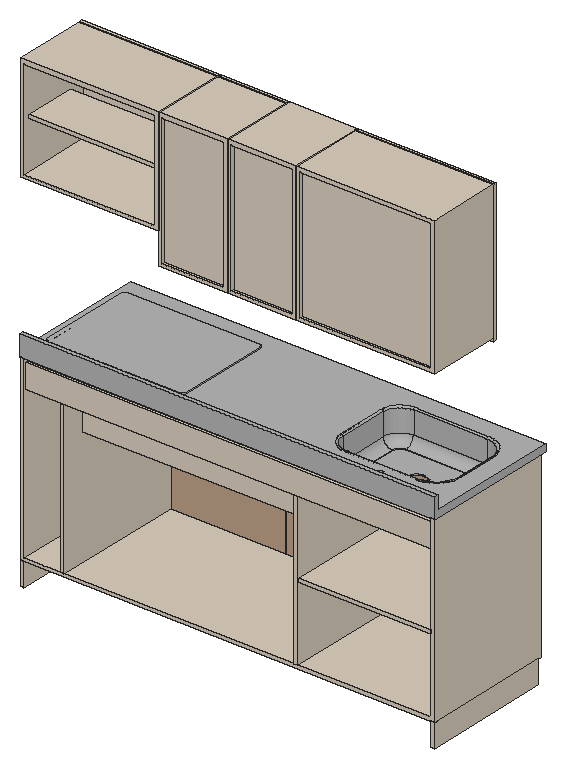
Revit family "CM0016781_Cocina Savona derecha", category Generic Models, host Wall, Revit 2019
Family settings
  Host = Wall
  Can host rebar = No
  Round Connector Dimension = Use Diameter
  Part Type = Normal
  OmniClass Number = 23.21.23.23.13
  OmniClass Title = Residential Food Cookers
  Always vertical = Yes
  Cut with Voids When Loaded = No
  Shared = No
  Room Calculation Point = No
Parameters (values of type "Ref. CM0016781 COCINA SAVONA 1.80 DERECHA.")
  URL = "https://corona.co/productos/muebles-para-cocinas/cocina-savona/p/CM0016781"
  Resistencia a la humedad = "Hinchamiento < o =8%."  # constant formula
  Profundidad = 577.0 mm
  Peso Neto aproximado mueble superior = "52,4 kg."  # constant formula
  Peso Neto aproximado mueble inferior = "67,2 kg."  # constant formula
  Material puertas Modulo inferior = Corona_Madera_Coñac
  Material modulo superior = Corona_MDP_Taupe
  Material mesón = Corona_Cuarzo
  Material Modulo inferior = Corona_MDP_Taupe
  Manufacturer = "Corona"  # constant formula
  Height = 875.5 mm
  Garantía del mesón = "10 años"  # constant formula
  Garantía de los herrajes = "1 año"  # constant formula
  Garantía de la madera = "1 año"  # constant formula
  Dimensiones generales mueble superior (H*W*L). = "613 x 335 x 1799mm."  # constant formula
  Dimensiones generales del mueble inferior (H*W*L) = "890 x 592 x 1799mm."  # constant formula
  Description = "Esta cocina de diseño contemporáneo está disponible en una combinación de color Taupé, en su mueble superior, y Coñac en su mueble inferior, generando un contraste de tonos acorde a las tendencias actuales de diseño. Asímismo, se complementa con el detalle de un nicho metálico en el mueble superior.\r\nSus puertas lisas (sin manijas expuestas) aportan limpieza y continuidad al diseño, lo cual se complementa con un mesón en CoronaStone®. Incluye lavaplatos y cubierta con 4 fogones integrados, además de accesorios como vajillero en acero inoxidable, cajón doble con cubertero y cajón condimentero de dos niveles, para hacer más cómodo tu almacenamiento.\r\nEn todo el mueble, los cantos o recubrimiento de bordes cuentan con mayor espesor y rigidez al estándar del mercado, brindando un acabado estético superior y mayor protección a posibles filtraciones de humedad.\r\nMesón CoronaStone® con lavaplatos y cubierta integrados.\r\nDisfruta de la máxima capacidad de almacenamiento y comodidad en el uso, esta es la solución integral de fácil instalación."  # constant formula
  Date Created = "15/07/2020"  # constant formula
  Created by = "IDD"  # constant formula
  Carga máxima mueble inferior = "90 kg."  # constant formula
  Carga máxima Mueble Superior = "42 kg."  # constant formula
  Ancho = 1797.0 mm
Reference planes
  plane 1 "Wall": y = 0
  plane 2 "Center (Left/Right)": x = 125
  plane 3 "Back": y = 75
  plane 4: x = -773.5
  plane 5: x = 1023.5
  plane 6: y = 75
  plane 7: z = 100.5
  plane 8: y = 652
  plane 9: z = 860.5
  plane 10: z = 875.5
  plane 11: x = 1008.5
  plane 12: x = -758.5
  plane 13: z = 115.5
  plane 14: x = 431.5
  plane 15: x = -84.5
  plane 16: x = -598.5
  plane 17: z = 440
  plane 18: z = 766.019
  plane 19: x = 427.5
  plane 20: y = 667
  plane 21: z = 455
  plane 22: y = 637
  plane 23: z = 510
  plane 24: z = 525
  plane 25: x = 413.125
  plane 26: x = -583.5
  plane 27: z = 635.019
  plane 28: y = 161.5
  plane 29: z = 890.5
  plane 30: z = 1440.5
  plane 31: z = 2053.5
  plane 32: z = 1576.5
  plane 33: x = -188.5
  plane 34: x = 438.5
  plane 35: y = 395
  plane 36: z = 770.5
  plane 37: x = -158.5
  plane 38: x = 110.5
  plane 39: x = 140.5
  plane 40: x = 408.5
  plane 41: z = 2037.5
  plane 42: z = 1455.5
  plane 43: z = 1591.5
  plane 44: y = 410
  plane 45: x = -173.5
  plane 46: x = 423.5
  plane 47: x = -173.5
  plane 48: z = 1470.5
  plane 49: x = 125.5
  plane 50: z = 1606.5
  plane 51: z = 1816
  plane 52: z = 1831
  plane 53: y = 325
  plane 54: z = 1746
  plane 55: z = 1761
  plane 56: y = 98
  plane 57: y = 88
Forms (mm)
  Extrusion 1, solid, material "Corona_MDP_Taupe" <- "Material Modulo inferior", detail levels medium+fine
    sketch origin (0, 0, 0) x (1, 0, 0) y (0, 1, 0)
      loop
        line (-773.5, 75) -> (1023.5, 75) -> (1023.5, 638) -> (-773.5, 638) -> (-773.5, 75)
    from 0 to 100.5
  Extrusion 2, solid, material "Corona_MDP_Taupe" <- "Material Modulo inferior", detail levels medium+fine
    sketch origin (0, 0, 0) x (1, 0, 0) y (0, 1, 0)
      loop
        line (-773.5, 75) -> (1023.5, 75) -> (1023.5, 652) -> (-773.5, 652) -> (-773.5, 75)
    from 100.5 to 890.5
  Extrusion 3, void, detail levels medium+fine
    sketch origin (0, 0, 0) x (1, 0, 0) y (0, 1, 0)
      loop
        line (-758.5, 623) -> (-758.5, 75) -> (1008.5, 75) -> (1008.5, 623) -> (-758.5, 623)
    from 0 to 100.5
  Extrusion 4, void, detail levels medium+fine
    sketch origin (0, 15, 0) x (1, 0, 0) y (0, 1, 0)
      loop
        line (-758.5, 637) -> (-758.5, 60) -> (1008.5, 60) -> (1008.5, 637) -> (-758.5, 637)
    from 115.5 to 890.5
  Extrusion 5, solid, material "Corona_Madera_Coñac" <- "Material puertas Modulo inferior", detail levels medium+fine
    sketch origin (0, 0, 0) x (1, 0, 0) y (0, 0, 1)
      loop
        line (431.5, 100.5) -> (1008.5, 100.5) -> (1008.5, 860.5) -> (431.5, 860.5) -> (431.5, 100.5)
      loop
        line (-598.5, 860.5) -> (-758.5, 860.5) -> (-758.5, 100.5) -> (-598.5, 100.5) -> (-598.5, 860.5)
    from -667 to -652
  Extrusion 6, solid, material "Corona_MDP_Taupe" <- "Material Modulo inferior", detail levels medium+fine
    sketch origin (0, 0, 0) x (1, 0, 0) y (0, 0, 1)
      loop
        line (1008.5, 455) -> (431.5, 455) -> (431.5, 440) -> (1008.5, 440) -> (1008.5, 455)
    from -625 to -75
  Extrusion 7, solid, material "Corona_Madera_Coñac" <- "Material puertas Modulo inferior", detail levels medium+fine
    sketch origin (0, 0, 0) x (1, 0, 0) y (0, 0, 1)
      loop
        line (-598.5, 545) -> (-598.5, 100.5) -> (-84.5, 100.5) -> (-84.5, 545) -> (-598.5, 545)
    from -667 to -652
  Extrusion 8, solid, material "Corona_Madera_Coñac" <- "Material puertas Modulo inferior", detail levels medium+fine
    sketch origin (512, 0, 0) x (1, 0, 0) y (0, 0, 1)
      loop
        line (-596.5, 545) -> (-596.5, 100.5) -> (-84.5, 100.5) -> (-84.5, 545) -> (-596.5, 545)
    from -667 to -652
  Extrusion 9, solid, material "Corona_MDP_Taupe" <- "Material Modulo inferior", detail levels medium+fine
    sketch origin (125, 0, 0) x (0, 1, 0) y (0, 0, 1)
      loop
        line (652, 525) -> (452, 525) -> (452, 510) -> (652, 510) -> (652, 525)
    from -708.5 to 288.125
  Extrusion 10, solid, material "Corona_MDP_Taupe" <- "Material Modulo inferior", detail levels medium+fine
    sketch origin (125, 107.636, 1156.33) x (0, 0, -1) y (0, 1, 0)
      loop
        line (631.33, 524) -> (545.289, 524) -> (545.289, 509) -> (631.33, 509) -> (631.33, 524)
    from -708.5 to 288.125
  Extrusion 11, solid, material "Corona_Madera_Coñac" <- "Material puertas Modulo inferior", detail levels medium+fine
    sketch origin (0, 0, 468.888) x (1, 0, 0) y (0, 0, 1)
      loop
        line (-598.5, 391.612) -> (-598.5, 105) -> (427.5, 105) -> (427.5, 391.612) -> (-598.5, 391.612)
    from -667 to -652
  Extrusion 12, solid, material "Corona_MDP_Taupe" <- "Material Modulo inferior", detail levels medium+fine
    sketch origin (0, 0, 14.83) x (1, 0, 0) y (0, 0, 1)
      loop
        line (385.253, 635.242) -> (-555.868, 635.242) -> (-555.868, 620.189) -> (385.253, 620.189) -> (385.253, 635.242)
    from -652 to -176.441
  Extrusion 13, solid, material "Corona_MDP_Taupe" <- "Material Modulo inferior", detail levels medium+fine
    sketch origin (125, -1.41, 0) x (0, 1, 0) y (0, 0, 1)
      loop
        line (162.847, 766.019) -> (162.847, 635.019) -> (177.85, 635.019) -> (177.85, 766.019) -> (162.847, 766.019)
    from -695.865 to 275.25
  Extrusion 14, solid, material "Corona_MDP_Taupe" <- "Material Modulo inferior", detail levels medium+fine
    sketch origin (125, 0, 0) x (0, 1, 0) y (0, 0, 1)
      loop
        line (176.441, 635.019) -> (652, 635.019) -> (652, 766.019) -> (176.441, 766.019) -> (176.441, 635.019)
    from 260.253 to 275.25
  Extrusion 15, solid, material "Corona_MDP_Taupe" <- "Material Modulo inferior", detail levels medium+fine
    sketch origin (-831.118, 0, 0) x (0, 1, 0) y (0, 0, 1)
      loop
        line (176.441, 635.019) -> (652, 635.019) -> (652, 766.019) -> (176.441, 766.019) -> (176.441, 635.019)
    from 260.253 to 275.25
  Extrusion 16, solid, material "Corona_MDP_Taupe" <- "Material Modulo inferior", detail levels medium+fine
    sketch origin (-311.049, 0, 0) x (0, 1, 0) y (0, 0, 1)
      loop
        line (176.441, 650.072) -> (652, 650.072) -> (652, 766.019) -> (176.441, 766.019) -> (176.441, 650.072)
    from 260.253 to 275.25
  Extrusion 17, solid, material "Corona_MDP_Taupe" <- "Material Modulo inferior", detail levels medium+fine
    sketch origin (125, 0, 0) x (0, 1, 0) y (0, 0, 1)
      loop
        line (626.36, 890.5) -> (626.36, 770.5) -> (641.36, 770.5) -> (641.36, 890.5) -> (626.36, 890.5)
    from -883.5 to 883.5
  Extrusion 18, solid, material "Corona_MDP_Taupe" <- "Material Modulo inferior", detail levels medium+fine
    sketch origin (125, -540.597, 0) x (0, 1, 0) y (0, 0, 1)
      loop
        line (617.649, 875.5) -> (617.649, 770.5) -> (632.636, 770.5) -> (632.636, 875.5) -> (617.649, 875.5)
    from -883.5 to 883.5
  Extrusion 19, solid, material "Corona_MDP_Taupe" <- "Material Modulo inferior", detail levels medium+fine
    sketch origin (0, 0, 0) x (1, 0, 0) y (0, 0, 1)
      loop
        line (413.125, 115.5) -> (431.5, 115.5) -> (431.5, 770.5) -> (413.125, 770.5) -> (413.125, 115.5)
    from -652 to -75
  Extrusion 20, solid, material "Corona_MDP_Taupe" <- "Material Modulo inferior", detail levels medium+fine
    sketch origin (-1010, 0, 0) x (1, 0, 0) y (0, 0, 1)
      loop
        line (411.5, 115.5) -> (426.5, 115.5) -> (426.5, 770.5) -> (411.5, 770.5) -> (411.5, 115.5)
    from -652 to -75
  Extrusion 21, solid, material "Corona_MDP_Taupe" <- "Material modulo superior", detail levels medium+fine
    sketch origin (0, 0, 0) x (1, 0, 0) y (0, 0, 1)
      loop
        line (-773.5, 2053.5) -> (-773.5, 1591.5) -> (-173.5, 1591.5) -> (-173.5, 2053.5) -> (-773.5, 2053.5)
    from -395 to -75
  Extrusion 22, void, detail levels medium+fine
    sketch origin (0, 0, 0) x (1, 0, 0) y (0, 0, 1)
      loop
        line (1008.5, 2037.5) -> (438.5, 2037.5) -> (438.5, 1470.5) -> (1008.5, 1470.5) -> (1008.5, 2037.5)
    from -395 to -75
  Extrusion 23, void, detail levels medium+fine
    sketch origin (0, 0, 0) x (1, 0, 0) y (0, 0, 1)
      loop
        line (-188.5, 2037.5) -> (-758.5, 2037.5) -> (-758.5, 1606.5) -> (-188.5, 1606.5) -> (-188.5, 2037.5)
    from -395 to -75
  Extrusion 24, solid, material "Corona_MDP_Taupe" <- "Material modulo superior", detail levels medium+fine
    sketch origin (0, 0, 0) x (1, 0, 0) y (0, 1, 0)
      loop
        line (1023.5, 75) -> (1023.5, 395) -> (423.5, 395) -> (423.5, 75) -> (1023.5, 75)
    from 1455.5 to 2053.5
  Extrusion 25, solid, material "Corona_MDP_Taupe" <- "Material modulo superior", detail levels medium+fine
    sketch origin (0, 0, 0) x (1, 0, 0) y (0, 1, 0)
      loop
        line (1023.5, 410) -> (423.5, 410) -> (423.5, 395) -> (1023.5, 395) -> (1023.5, 410)
    from 1440.5 to 2053.5
  Extrusion 26, solid, material "Corona_MDP_Taupe" <- "Material modulo superior", detail levels medium+fine
    sketch origin (0, 0, 0) x (1, 0, 0) y (0, 1, 0)
      loop
        line (125.5, 75) -> (423.5, 75) -> (423.5, 410) -> (125.5, 410) -> (125.5, 75)
    from 1455.5 to 2053.5
  Extrusion 27, void, detail levels medium+fine
    sketch origin (-599, 0, 0) x (1, 0, 0) y (0, 0, 1)
      loop
        line (1007.5, 2037.5) -> (739.5, 2037.5) -> (739.5, 1470.5) -> (1007.5, 1470.5) -> (1007.5, 2037.5)
    from -410 to -75
  Extrusion 28, solid, material "Corona_MDP_Taupe" <- "Material modulo superior", detail levels medium+fine
    sketch origin (-300, 0, 0) x (1, 0, 0) y (0, 1, 0)
      loop
        line (126.5, 75) -> (425.5, 75) -> (425.5, 395) -> (126.5, 395) -> (126.5, 75)
    from 1455.5 to 2053.5
  Extrusion 29, void, detail levels medium+fine
    sketch origin (-898, 0, 0) x (1, 0, 0) y (0, 0, 1)
      loop
        line (1008.5, 2037.5) -> (737.5, 2037.5) -> (737.5, 1470.5) -> (1008.5, 1470.5) -> (1008.5, 2037.5)
    from -410 to -75
  Extrusion 30, solid, material "Corona_MDP_Taupe" <- "Material modulo superior", detail levels medium+fine
    sketch origin (-898, 0, 0) x (1, 0, 0) y (0, 1, 0)
      loop
        line (1023.5, 410) -> (724.5, 410) -> (724.5, 395) -> (1023.5, 395) -> (1023.5, 410)
    from 1440.5 to 2053.5
  Extrusion 31, solid, material "Corona_MDP_Taupe" <- "Material modulo superior", detail levels medium+fine
    sketch origin (-1197, 0, 0) x (1, 0, 0) y (0, 1, 0)
      loop
        line (1023.5, 410) -> (423.5, 410) -> (423.5, 395) -> (1023.5, 395) -> (1023.5, 410)
    from 1576.5 to 2053.5
  Extrusion 32, solid, material "Corona_MDP_Taupe" <- "Material modulo superior", detail levels medium+fine
    sketch origin (0, 0, 0) x (1, 0, 0) y (0, 0, 1)
      loop
        line (-188.5, 1831) -> (-758.5, 1831) -> (-758.5, 1816) -> (-188.5, 1816) -> (-188.5, 1831)
    from -325 to -98
  Extrusion 33, solid, detail levels medium+fine
    sketch origin (0, 0, 0) x (1, 0, 0) y (0, 0, 1)
      loop
        line (110.5, 1761) -> (-160.5, 1761) -> (-160.5, 1746) -> (110.5, 1746) -> (110.5, 1761)
    from -395 to -98
  Extrusion 34, solid, material "Corona_MDP_Taupe" <- "Material modulo superior", detail levels medium+fine
    sketch origin (298, 0, 0) x (1, 0, 0) y (0, 0, 1)
      loop
        line (110.5, 1761) -> (-157.5, 1761) -> (-157.5, 1746) -> (110.5, 1746) -> (110.5, 1761)
    from -395 to -98
  Extrusion 35, solid, material "Corona_MDP_Taupe" <- "Material modulo superior", detail levels coarse
    sketch origin (0, 0, 0) x (1, 0, 0) y (0, 0, 1)
      loop
        line (1023.5, 2053.5) -> (-773.5, 2053.5) -> (-773.5, 1576.5) -> (-173.5, 1576.5) -> (-173.5, 1440.5) -> (1023.5, 1440.5) -> (1023.5, 2053.5)
    from -410 to -75
  Extrusion 36, solid, material "Corona_MDP_Taupe" <- "Material modulo superior", detail levels medium+fine
    sketch origin (125, 0, 0) x (0, 1, 0) y (0, 0, 1)
      loop
        line (88, 2037.5) -> (88, 1470.5) -> (98, 1470.5) -> (98, 2037.5) -> (88, 2037.5)
    from -285.5 to 883.5
  Extrusion 37, solid, material "Corona_MDP_Taupe" <- "Material Modulo inferior", detail levels coarse
    sketch origin (0, 0, 0) x (1, 0, 0) y (0, 0, 1)
      loop
        line (1023.5, 0) -> (1023.5, 890.5) -> (-773.5, 890.5) -> (-773.5, 0) -> (1023.5, 0)
    from -667 to -75
Cuts and joins
  Extrusion 3, Extrusion 4 cuts Extrusion 1
  Extrusion 3, Extrusion 4 cuts Extrusion 2
  Extrusion 23 cuts Extrusion 21
  Extrusion 22, Extrusion 27 cuts Extrusion 24
  Extrusion 27 cuts Extrusion 25
  Extrusion 27, Extrusion 29 cuts Extrusion 26
  Extrusion 29 cuts Extrusion 28
Text (mm)
  text "Placement Side" at (-2487.574, 1116.779, 0), in view "Ref. Level"
  text "Placement side" at (0, 1409.804, 2854.306), in view "Left"
  text "Placement side" at (0, 499.811, 2980.732), in view "Right"
Dimensions and locks
  locked: plane 3 "Back" to host wall
  equal spacing: plane 4, plane 2 "Center (Left/Right)", plane 5
  "Ancho": plane 4 to plane 5
  level to plane 7 = 100.5 mm
  "Profundidad": plane 8 to plane 6
  plane 7 to plane 9 = 760.0 mm
  plane 14 to plane 11 = 577.0 mm
  plane 15 to plane 19 = 512.0 mm
  plane 16 to plane 15 = 514.0 mm
  plane 13 to plane 17 = 324.5 mm
  plane 21 to plane 36 = 315.5 mm
  level to Extrusion 5 = 860.5 mm
  plane 22 to plane 6 = 562.0 mm
  plane 23 to plane 13 = 394.5 mm
  plane 24 to plane 23 = 15.0 mm
  plane 18 to plane 27 = 131.0 mm
  cut or joined group of Extrusion 2, Extrusion 3, Extrusion 4 to plane 28 = 490.5 mm
  level to plane 29 = 890.5 mm
  plane 29 to plane 30 = 550.0 mm
  plane 30 to plane 31 = 613.0 mm
  plane 32 to plane 31 = 477.0 mm
  plane 33 to plane 12 = 570.0 mm
  plane 34 to plane 11 = 570.0 mm
  plane 35 to plane 6 = 320.0 mm
  plane 30 to Extrusion 21 = 613.0 mm
  plane 14 to plane 5 = 592.0 mm
  plane 38 to plane 37 = 269.0 mm
  plane 40 to plane 39 = 268.0 mm
  plane 44 to plane 35 = 15.0 mm
  plane 6 to plane 44 = 335.0 mm
  plane 46 to plane 5 = 600.0 mm
  plane 4 to plane 47 = 600.0 mm
  plane 35 to plane 44 = 15.0 mm
  plane 43 to plane 51 = 224.5 mm
  plane 52 to plane 41 = 206.5 mm
  plane 53 to plane 6 = 250.0 mm
  plane 48 to plane 54 = 275.5 mm
  plane 35 to plane 56 = 297.0 mm
  plane 30 to Extrusion 36 = 597.0 mm
  plane 7 to level = 100.5 mm
  plane 16 to plane 12 = 160.0 mm
  level to Extrusion 37 = 890.5 mm
  aligned and locked: plane 1 "Wall" to host wall
  aligned and locked: Extrusion 1 sketch curve to plane 5
  aligned and locked: plane 4 to Extrusion 1 sketch curve
  aligned and locked: plane 8 to Extrusion 2
  aligned and locked: Extrusion 2 to host wall
  aligned and locked: plane 5 to Extrusion 2
  aligned and locked: Extrusion 2 to plane 4
  aligned and locked: Extrusion 2 to Extrusion 1
  aligned and locked: plane 11 to Extrusion 3 sketch curve
  aligned and locked: Extrusion 3 sketch curve to plane 12
  aligned and locked: Extrusion 1 to Extrusion 3  (x2)
  aligned and locked: Extrusion 3 to level
  aligned and locked: Extrusion 2 to plane 7
  aligned and locked: Extrusion 4 to plane 13
  aligned and locked: plane 8 to Extrusion 4
  aligned and locked: Extrusion 4 to host wall
  aligned and locked: plane 20 to Extrusion 5
  aligned and locked: Extrusion 6 sketch curve to Extrusion 5  (x2)
  aligned and locked: Extrusion 6 to host wall
  aligned and locked: Extrusion 9 sketch curve to plane 24
  aligned and locked: plane 23 to Extrusion 9 sketch curve
  aligned and locked: Extrusion 9 sketch curve to cut or joined group of Extrusion 2, Extrusion 3, Extrusion 4
  aligned and locked: Extrusion 9 to plane 25
  aligned and locked: plane 26 to Extrusion 9
  aligned and locked: Extrusion 15 to plane 27
  aligned and locked: Extrusion 13 to plane 27
  aligned and locked: plane 18 to Extrusion 15
  aligned and locked: plane 18 to Extrusion 16
  aligned and locked: plane 18 to Extrusion 14
  aligned and locked: plane 18 to Extrusion 13
  aligned and locked: Extrusion 21 sketch curve to plane 31
  aligned and locked: Extrusion 21 sketch curve to plane 4
  aligned and locked: Extrusion 2 to cut or joined group of Extrusion 1, Extrusion 3, Extrusion 4
  aligned and locked: cut or joined group of Extrusion 1, Extrusion 3, Extrusion 4 to Extrusion 2
  aligned and locked: Extrusion 2 to Extrusion 3
  aligned and locked: Extrusion 1 to level
  aligned and locked: plane 7 to Extrusion 1
  aligned and locked: Extrusion 5 to plane 11
  aligned and locked: plane 14 to Extrusion 5
  aligned and locked: Extrusion 5 to plane 12
  aligned and locked: Extrusion 9 to Extrusion 10  (x2)
  aligned and locked: Extrusion 10 to plane 25
  aligned and locked: plane 26 to Extrusion 10
  aligned and locked: Extrusion 17 to Extrusion 18
  aligned and locked: Extrusion 13 to Extrusion 14
  aligned and locked: Extrusion 14 to plane 27
  aligned and locked: Extrusion 12 to plane 27
  aligned and locked: Extrusion 12 to Extrusion 16
  aligned and locked: Extrusion 12 to Extrusion 15
  aligned and locked: Extrusion 15 to Extrusion 13  (x2)
  aligned and locked: Extrusion 15 to Extrusion 12
  aligned and locked: Extrusion 17 to plane 36
  aligned and locked: Extrusion 5 to Extrusion 6
  aligned and locked: Extrusion 19 to plane 14
  aligned and locked: Extrusion 10 to Extrusion 19
  aligned and locked: Extrusion 22 sketch curve to plane 41
  aligned and locked: Extrusion 22 sketch curve to plane 11
  aligned and locked: Extrusion 23 sketch curve to plane 41
  aligned and locked: plane 33 to Extrusion 23 sketch curve
  aligned and locked: Extrusion 23 sketch curve to plane 12
  aligned and locked: nested 1 to Extrusion 24 sketch curve
  aligned and locked: Extrusion 25 sketch curve to plane 44
  aligned and locked: plane 35 to Extrusion 25 sketch curve
  aligned and locked: Extrusion 26 sketch curve to host wall
  aligned and locked: Extrusion 26 sketch curve to plane 44
  aligned and locked: plane 46 to Extrusion 26 sketch curve
  aligned and locked: Extrusion 26 to plane 31
  aligned and locked: plane 42 to Extrusion 26
  aligned and locked: plane 48 to Extrusion 22
  aligned and locked: plane 30 to Extrusion 25
  aligned and locked: plane 42 to Extrusion 24
  aligned and locked: plane 5 to Extrusion 24
  aligned and locked: Extrusion 24 to plane 31
  aligned and locked: Extrusion 27 to plane 39
  aligned and locked: Extrusion 27 to plane 41
  aligned and locked: plane 40 to Extrusion 27
  aligned and locked: Extrusion 22 to Extrusion 27
  aligned and locked: Extrusion 27 to plane 44
  aligned and locked: Extrusion 25 to plane 46
  aligned and locked: Extrusion 24 to plane 46
  aligned and locked: plane 48 to Extrusion 29
  aligned and locked: plane 38 to Extrusion 29
  aligned and locked: Extrusion 29 to plane 41
  aligned and locked: Extrusion 26 to plane 49
  aligned and locked: Extrusion 28 to cut or joined group of Extrusion 26, Extrusion 27, Extrusion 29
  aligned and locked: Extrusion 30 to cut or joined group of Extrusion 26, Extrusion 27, Extrusion 29
  aligned and locked: plane 30 to Extrusion 30
  aligned and locked: Extrusion 30 to plane 31
  aligned and locked: Extrusion 29 to plane 44
  aligned and locked: Extrusion 28 to plane 35
  aligned and locked: plane 50 to Extrusion 23
  aligned and locked: plane 43 to Extrusion 21
  aligned and locked: Extrusion 31 to plane 4
  aligned and locked: plane 32 to Extrusion 31
  aligned and locked: Extrusion 31 to plane 31
  aligned and locked: Extrusion 31 to cut or joined group of Extrusion 21, Extrusion 23
  aligned and locked: plane 52 to Extrusion 32 sketch curve
  aligned and locked: Extrusion 32 sketch curve to plane 51
  aligned and locked: Extrusion 32 sketch curve to cut or joined group of Extrusion 21, Extrusion 23  (x2)
  aligned and locked: Extrusion 32 to plane 53
  aligned and locked: Extrusion 33 sketch curve to plane 55
  aligned and locked: plane 38 to Extrusion 33 sketch curve
  aligned and locked: plane 54 to Extrusion 33 sketch curve
  aligned and locked: Extrusion 34 to plane 39
  aligned and locked: plane 40 to Extrusion 34
  aligned and locked: plane 54 to Extrusion 34
  aligned and locked: Extrusion 34 to plane 55
  aligned and locked: Extrusion 35 to plane 44
  aligned and locked: Extrusion 35 to host wall
  aligned and locked: Extrusion 35 to plane 31
  aligned and locked: plane 32 to Extrusion 35
  aligned and locked: plane 30 to Extrusion 35
  aligned and locked: Extrusion 35 to cut or joined group of Extrusion 25, Extrusion 27
  aligned and locked: Extrusion 35 to cut or joined group of Extrusion 21, Extrusion 23  (x2)
  aligned and locked: Extrusion 35 to Extrusion 31
  aligned and locked: Extrusion 35 to plane 4
  aligned and locked: plane 5 to Extrusion 35
  aligned and locked: plane 41 to Extrusion 36 sketch curve
  aligned and locked: Extrusion 36 sketch curve to plane 57
  aligned and locked: plane 56 to Extrusion 36 sketch curve
  aligned and locked: cut or joined group of Extrusion 22, Extrusion 24, Extrusion 27 to Extrusion 36
  aligned and locked: plane 21 to Extrusion 6
  aligned and locked: Extrusion 6 to plane 17
  aligned and locked: Extrusion 2 to nested 1
  aligned and locked: cut or joined group of Extrusion 2, Extrusion 3, Extrusion 4 to Extrusion 4
  aligned and locked: cut or joined group of Extrusion 2, Extrusion 3, Extrusion 4 to Extrusion 17
  aligned and locked: Extrusion 9 to nested 4
  aligned and locked: Extrusion 17 to nested 4  (x2)
  aligned and locked: Extrusion 1 to nested 4
  aligned and locked: Extrusion 3 to nested 4
  aligned and locked: Extrusion 29 to Extrusion 36
  aligned and locked: cut or joined group of Extrusion 28, Extrusion 29 to Extrusion 33
  aligned and locked: Extrusion 5 to plane 16
  aligned and locked: plane 16 to Extrusion 20
  aligned and locked: plane 26 to nested 7
  aligned and locked: Extrusion 20 to plane 26
  aligned and locked: Extrusion 37 sketch curve to cut or joined group of Extrusion 1, Extrusion 3, Extrusion 4
  aligned and locked: Extrusion 37 sketch curve to nested 7  (x2)
  aligned and locked: Extrusion 37 to nested 1
Automatic sketch dimensions
  Extrusion 1 sketch curve to host wall = 0.0 mm
  plane 22 to Extrusion 1 sketch curve = 1.0 mm
  Extrusion 2 sketch curve to plane 4 = 0.0 mm
  Extrusion 2 sketch curve to plane 5 = 0.0 mm
  Extrusion 2 sketch curve to host wall = 0.0 mm
  Extrusion 2 sketch curve to plane 8 = 0.0 mm
  Extrusion 3 sketch curve to host wall = 0.0 mm
  Extrusion 3 sketch curve to plane 22 = 14.0 mm
  Extrusion 4 sketch curve to host wall = 0.0 mm
  Extrusion 4 sketch curve to plane 12 = 0.0 mm
  Extrusion 4 sketch curve to plane 11 = 0.0 mm
  Extrusion 4 sketch curve to plane 8 = 0.0 mm
  Extrusion 5 sketch curve to plane 12 = 0.0 mm
  Extrusion 5 sketch curve to plane 7 = 0.0 mm  (x2)
  plane 14 to Extrusion 5 sketch curve = 0.0 mm
  plane 11 to Extrusion 5 sketch curve = 0.0 mm
  plane 9 to Extrusion 5 sketch curve = 0.0 mm  (x2)
  Extrusion 7 sketch curve to plane 7 = 0.0 mm
  plane 16 to Extrusion 7 sketch curve = 0.0 mm
  plane 15 to Extrusion 7 sketch curve = 0.0 mm
  plane 24 to Extrusion 7 sketch curve = 20.0 mm
  Extrusion 8 sketch curve to plane 7 = 0.0 mm
  plane 15 to Extrusion 8 sketch curve = 0.0 mm
  plane 19 to Extrusion 8 sketch curve = 0.0 mm
  plane 24 to Extrusion 8 sketch curve = 20.0 mm
  Extrusion 9 sketch curve to plane 35 = 57.0 mm
  Extrusion 10 sketch curve to plane 24 = 0.0 mm
  Extrusion 10 sketch curve to plane 27 = 23.978 mm
  Extrusion 10 sketch curve to plane 22 = 20.364 mm
  Extrusion 10 sketch curve to plane 22 = 5.364 mm
  plane 16 to Extrusion 11 sketch curve = 0.0 mm
  plane 19 to Extrusion 11 sketch curve = 0.0 mm
  plane 24 to Extrusion 11 sketch curve = 48.888 mm
  plane 9 to Extrusion 11 sketch curve = 0.0 mm
  Extrusion 12 sketch curve to plane 27 = 0.0 mm
  Extrusion 12 sketch curve to plane 26 = 27.632 mm
  Extrusion 12 sketch curve to plane 40 = 23.247 mm
  plane 27 to Extrusion 12 sketch curve = 15.053 mm
  Extrusion 13 sketch curve to plane 27 = 0.0 mm
  Extrusion 13 sketch curve to plane 18 = 0.0 mm
  plane 28 to Extrusion 13 sketch curve = 0.062 mm
  Extrusion 13 sketch curve to Extrusion 13 sketch curve = 15.003 mm
  Extrusion 14 sketch curve to plane 18 = 0.0 mm
  Extrusion 14 sketch curve to plane 27 = 0.0 mm
  Extrusion 14 sketch curve to plane 8 = 0.0 mm
  Extrusion 14 sketch curve to plane 28 = 14.941 mm
  Extrusion 15 sketch curve to plane 18 = 0.0 mm
  Extrusion 15 sketch curve to plane 27 = 0.0 mm
  Extrusion 15 sketch curve to plane 8 = 0.0 mm
  Extrusion 15 sketch curve to plane 28 = 14.941 mm
  Extrusion 16 sketch curve to plane 18 = 0.0 mm
  Extrusion 16 sketch curve to plane 8 = 0.0 mm
  Extrusion 16 sketch curve to plane 28 = 14.941 mm
  plane 27 to Extrusion 16 sketch curve = 15.053 mm
  Extrusion 17 sketch curve to plane 36 = 0.0 mm
  plane 10 to Extrusion 17 sketch curve = 15.0 mm
  Extrusion 17 sketch curve to plane 22 = 10.64 mm
  plane 22 to Extrusion 17 sketch curve = 4.36 mm
  Extrusion 18 sketch curve to plane 36 = 0.0 mm
  Extrusion 18 sketch curve to plane 10 = 0.0 mm
  host wall to Extrusion 18 sketch curve = 2.052 mm
  Extrusion 18 sketch curve to plane 57 = 4.039 mm
  plane 25 to Extrusion 19 sketch curve = 0.0 mm
  plane 14 to Extrusion 19 sketch curve = 0.0 mm
  Extrusion 19 sketch curve to plane 13 = 0.0 mm
  Extrusion 19 sketch curve to plane 36 = 0.0 mm
  plane 16 to Extrusion 20 sketch curve = 0.0 mm
  plane 26 to Extrusion 20 sketch curve = 0.0 mm
  Extrusion 20 sketch curve to plane 13 = 0.0 mm
  Extrusion 20 sketch curve to plane 36 = 0.0 mm
  Extrusion 21 sketch curve to plane 43 = 0.0 mm
  Extrusion 21 sketch curve to plane 45 = 0.0 mm
  Extrusion 22 sketch curve to plane 34 = 0.0 mm
  Extrusion 22 sketch curve to plane 48 = 0.0 mm
  Extrusion 23 sketch curve to plane 50 = 0.0 mm
  Extrusion 24 sketch curve to plane 46 = 0.0 mm
  Extrusion 24 sketch curve to plane 5 = 0.0 mm
  plane 35 to Extrusion 24 sketch curve = 0.0 mm
  Extrusion 25 sketch curve to plane 46 = 0.0 mm
  Extrusion 26 sketch curve to plane 49 = 0.0 mm
  Extrusion 27 sketch curve to plane 39 = 0.0 mm
  Extrusion 27 sketch curve to plane 40 = 0.0 mm
  Extrusion 27 sketch curve to plane 48 = 0.0 mm
  Extrusion 27 sketch curve to plane 41 = 0.0 mm
  plane 35 to Extrusion 28 sketch curve = 0.0 mm
  Extrusion 28 sketch curve to plane 45 = 0.0 mm
  Extrusion 28 sketch curve to plane 49 = 0.0 mm
  Extrusion 28 sketch curve to host wall = 0.0 mm
  Extrusion 29 sketch curve to plane 37 = 2.0 mm
  Extrusion 29 sketch curve to plane 38 = 0.0 mm
  Extrusion 29 sketch curve to plane 48 = 0.0 mm
  Extrusion 29 sketch curve to plane 41 = 0.0 mm
  plane 44 to Extrusion 30 sketch curve = 0.0 mm
  Extrusion 30 sketch curve to plane 45 = 0.0 mm
  plane 35 to Extrusion 30 sketch curve = 0.0 mm
  Extrusion 30 sketch curve to plane 49 = 0.0 mm
  Extrusion 31 sketch curve to plane 4 = 0.0 mm
  plane 35 to Extrusion 31 sketch curve = 0.0 mm
  Extrusion 31 sketch curve to plane 45 = 0.0 mm
  plane 44 to Extrusion 31 sketch curve = 0.0 mm
  Extrusion 34 sketch curve to plane 55 = 0.0 mm
  Extrusion 34 sketch curve to plane 54 = 0.0 mm
  Extrusion 34 sketch curve to plane 40 = 0.0 mm
  Extrusion 34 sketch curve to plane 39 = 0.0 mm
  Extrusion 35 sketch curve to plane 31 = 0.0 mm
  Extrusion 35 sketch curve to plane 5 = 0.0 mm
  Extrusion 35 sketch curve to plane 30 = 0.0 mm
  Extrusion 35 sketch curve to plane 4 = 0.0 mm
  Extrusion 35 sketch curve to plane 45 = 0.0 mm
  Extrusion 35 sketch curve to plane 32 = 0.0 mm
  Extrusion 36 sketch curve to plane 42 = 15.0 mm
  plane 17 to Extrusion 6 sketch curve = 0.0 mm
  plane 21 to Extrusion 6 sketch curve = 0.0 mm
  Extrusion 25 sketch curve to plane 5 = 0.0 mm
  Extrusion 33 sketch curve to plane 37 = 2.0 mm
  plane 16 to Extrusion 5 sketch curve = 0.0 mm
  plane 9 to Extrusion 37 sketch curve = 30.0 mm
Nested families
  nested 1: "Mesón coronastone" at (125.25, 75, 890.5) x (-1, 0, 0) z (0, 0, 1), type "Mesón coronastone"
  nested 2: "Family13" at (125, 410, 0) x (-1, 0, 0) z (0, 0, 1), type "Family13"
  nested 3: "Family14" at (125, 652, 0) x (-1, 0, 0) z (0, 0, 1), type "Family14"
  nested 4: "Family15" at (125, 371, 0) x (0, -1, 0) z (1, 0, 0), type "Family15"
  nested 5: "Family16" at (125, 75, 1440.5) x (0, -1, 0) z (1, 0, 0), type "Family16"
  nested 6: "Family17" at (178.764, 0, 1250.484) x (-1, 0, 0) z (0, -1, 0), type "Family17"
  nested 7: "Family18" at (343.5, 0, 0) x (-1, 0, 0) z (0, -1, 0), type "Family18"
Definition of nested family "Mesón coronastone"
  Parameters (values of type "Mesón coronastone")
    Profundidad = 600.0 mm
    Material = none
    Date Created = "15/07/2020"  # constant formula
    Created by = "IDD"  # constant formula
    Ancho = 1800.0 mm
    Alto = 150.0 mm
  Reference planes
    plane 1 "Center (Front/Back)": y = 0
    plane 2: z = 0
    plane 3 "Center (Left/Right)": x = 0
    plane 4: x = -900
    plane 5: x = 900
    plane 6: y = -600
    plane 7: z = 30
    plane 8: y = -15
    plane 9: z = 90
    plane 10: y = -102
    plane 11: y = -520
    plane 12: x = 287
    plane 13: x = 855
    plane 14: y = -137.455
    plane 15: y = -90.955
    plane 16: z = -120
    plane 17: x = 568.952
    plane 18: x = -812
    plane 19: x = -321.053
    plane 20: x = -584
    plane 21: x = -558.277
    plane 22: y = -328.73
    plane 23: x = -521.466
    plane 24: y = -328.73
    plane 25: z = 35
  Forms (mm)
    Extrusion 1, solid, material <- "Material", detail levels medium+fine
      sketch origin (0, 0, 0) x (1, 0, 0) y (0, 1, 0)
        loop
          line (-900, 0) -> (-900, -600) -> (900, -600) -> (900, 0) -> (-900, 0)
        loop
          circle (-584, -90.955) r 17.5
        loop
          arc (839.982, -520) -> (850.601, -515.601) -> (855, -504.982) r 15.018
          line (855, -504.982) -> (855, -117.027)
          arc (855, -117.027) -> (850.599, -106.401) -> (839.973, -102) r 15.027
          line (839.973, -102) -> (302.028, -102)
          arc (302.028, -102) -> (291.402, -106.402) -> (287, -117.028) r 15.028
          line (287, -117.028) -> (287, -504.963)
          arc (287, -504.963) -> (291.404, -515.596) -> (302.037, -520) r 15.037
          line (302.037, -520) -> (839.982, -520)
      from 0 to 30
    Extrusion 2, solid, material <- "Material", detail levels medium+fine
      sketch origin (0, 0, 0) x (1, 0, 0) y (0, 1, 0)
        loop
          line (-900, 0) -> (-900, -15) -> (900, -15) -> (900, 0) -> (-900, 0)
      from 0 to 90
    Extrusion 3, void
      sketch origin (-36.811, 0, 0) x (1, 0, 0) y (0, 1, 0)
        loop
          line (-361.173, -137.455) -> (-681.758, -137.455)
          arc (-681.758, -137.455) -> (-751.53, -166.356) -> (-780.43, -236.128) r 98.672
          line (-780.43, -236.128) -> (-780.43, -421.478)
          arc (-780.43, -421.478) -> (-751.574, -491.144) -> (-681.908, -520) r 98.522
          line (-681.908, -520) -> (-361.168, -520)
          arc (-361.168, -520) -> (-303.067, -495.934) -> (-279.001, -437.833) r 82.167
          line (-279.001, -437.833) -> (-279.001, -219.628)
          arc (-279.001, -219.628) -> (-303.069, -161.523) -> (-361.173, -137.455) r 82.172
      from -11.938 to 52.655
    Sweep 4, solid, material <- "Material", detail levels medium+fine
      path origin (-36.811, 0, 0) x (1, 0, 0) y (0, 1, 0)
        loop
          line (-361.173, -137.455) -> (-681.758, -137.455)
          arc (-681.758, -137.455) -> (-751.53, -166.356) -> (-780.43, -236.128) r 98.672
          line (-780.43, -236.128) -> (-780.43, -421.478)
          arc (-780.43, -421.478) -> (-751.574, -491.144) -> (-681.908, -520) r 98.522
          line (-681.908, -520) -> (-361.168, -520)
          arc (-361.168, -520) -> (-303.067, -495.934) -> (-279.001, -437.833) r 82.167
          line (-279.001, -437.833) -> (-279.001, -219.628)
          arc (-279.001, -219.628) -> (-303.069, -161.523) -> (-361.173, -137.455) r 82.172
      profile origin (-558.277, -137.455, 0) x (0, -1, 0) y (0, 0, 1)
        loop
          line (5.241, 23.624) -> (5.241, -72.642)
          arc (5.241, -72.642) -> (18.364, -101.497) -> (46.516, -116.067) r 48.459
          line (46.516, -116.067) -> (46.516, -112.628)
          arc (46.516, -112.628) -> (20.712, -99.032) -> (8.641, -72.48) r 45.059
          line (8.641, -72.48) -> (8.641, 24.296)
          arc (8.641, 24.296) -> (5.267, 28.581) -> (0, 30) r 8.662
          line (0, 30) -> (0, 26.591)
          arc (0, 26.591) -> (3.087, 25.931) -> (5.241, 23.624) r 5.262
    Extrusion 5, solid, material <- "Material"
      sketch origin (-36.811, 0, 0) x (1, 0, 0) y (0, 1, 0)
        loop
          arc (-681.758, -183.971) -> (-718.638, -199.247) -> (-733.915, -236.128) r 52.157
          line (-733.915, -236.128) -> (-733.915, -421.478)
          arc (-733.915, -421.478) -> (-718.682, -458.252) -> (-681.908, -473.484) r 52.007
          line (-681.908, -473.484) -> (-361.168, -473.484)
          arc (-361.168, -473.484) -> (-335.959, -463.042) -> (-325.516, -437.833) r 35.652
          line (-325.516, -437.833) -> (-325.516, -219.628)
          arc (-325.516, -219.628) -> (-335.96, -194.414) -> (-361.173, -183.971) r 35.657
          line (-361.173, -183.971) -> (-681.758, -183.971)
        loop
          circle (-521.466, -328.803) r 44.25
      from -116.067 to -112.628
    Extrusion 6, void, not visible
      sketch origin (0, 0, 0) x (1, 0, 0) y (0, 1, 0)
        loop
          line (-361.173, -137.455) -> (-681.758, -137.455)
          arc (-681.758, -137.455) -> (-751.53, -166.356) -> (-780.43, -236.128) r 98.672
          line (-780.43, -236.128) -> (-780.43, -421.478)
          arc (-780.43, -421.478) -> (-751.574, -491.144) -> (-681.908, -520) r 98.522
          line (-681.908, -520) -> (-361.168, -520)
          arc (-361.168, -520) -> (-303.067, -495.934) -> (-279.001, -437.833) r 82.167
          line (-279.001, -437.833) -> (-279.001, -219.628)
          arc (-279.001, -219.628) -> (-303.069, -161.523) -> (-361.173, -137.455) r 82.172
      from -11.938 to 52.655
    Sweep 7, solid, not visible
      path origin (0, 0, 0) x (1, 0, 0) y (0, 1, 0)
        loop
          line (-361.173, -137.455) -> (-681.758, -137.455)
          arc (-681.758, -137.455) -> (-751.53, -166.356) -> (-780.43, -236.128) r 98.672
          line (-780.43, -236.128) -> (-780.43, -421.478)
          arc (-780.43, -421.478) -> (-751.574, -491.144) -> (-681.908, -520) r 98.522
          line (-681.908, -520) -> (-361.168, -520)
          arc (-361.168, -520) -> (-303.067, -495.934) -> (-279.001, -437.833) r 82.167
          line (-279.001, -437.833) -> (-279.001, -219.628)
          arc (-279.001, -219.628) -> (-303.069, -161.523) -> (-361.173, -137.455) r 82.172
      profile origin (-521.466, -137.455, 0) x (0, -1, 0) y (0, 0, 1)
        loop
          line (5.241, 23.624) -> (5.241, -72.642)
          arc (5.241, -72.642) -> (18.364, -101.497) -> (46.516, -116.067) r 48.459
          line (46.516, -116.067) -> (46.516, -112.628)
          arc (46.516, -112.628) -> (20.712, -99.032) -> (8.641, -72.48) r 45.059
          line (8.641, -72.48) -> (8.641, 24.296)
          arc (8.641, 24.296) -> (5.267, 28.581) -> (0, 30) r 8.662
          line (0, 30) -> (0, 26.591)
          arc (0, 26.591) -> (3.087, 25.931) -> (5.241, 23.624) r 5.262
    Extrusion 8, solid, not visible
      sketch origin (0, 0, 0) x (1, 0, 0) y (0, 1, 0)
        loop
          arc (-681.758, -183.971) -> (-718.638, -199.247) -> (-733.915, -236.128) r 52.157
          line (-733.915, -236.128) -> (-733.915, -421.478)
          arc (-733.915, -421.478) -> (-718.682, -458.252) -> (-681.908, -473.484) r 52.007
          line (-681.908, -473.484) -> (-361.168, -473.484)
          arc (-361.168, -473.484) -> (-335.959, -463.042) -> (-325.516, -437.833) r 35.652
          line (-325.516, -437.833) -> (-325.516, -219.628)
          arc (-325.516, -219.628) -> (-335.96, -194.414) -> (-361.173, -183.971) r 35.657
          line (-361.173, -183.971) -> (-681.758, -183.971)
        loop
          circle (-521.466, -328.803) r 44.25
      from -116.067 to -112.628
    Extrusion 9, solid, material <- "Material", detail levels medium+fine
      sketch origin (13.951, -6, 0) x (1, 0, 0) y (0, 1, 0)
        loop
          arc (270.028, -90) -> (259.402, -94.402) -> (255, -105.028) r 15.028
          line (255, -105.028) -> (255, -504.963)
          arc (255, -504.963) -> (259.404, -515.596) -> (270.037, -520) r 15.037
          line (270.037, -520) -> (839.982, -520)
          arc (839.982, -520) -> (850.601, -515.601) -> (855, -504.982) r 15.018
          line (855, -504.982) -> (855, -105.027)
          arc (855, -105.027) -> (850.599, -94.401) -> (839.973, -90) r 15.027
          line (839.973, -90) -> (270.028, -90)
      from 30 to 35
    Extrusion 10, solid, detail levels coarse
      sketch origin (0, 0, 0) x (1, 0, 0) y (0, 0, 1)
        loop
          line (-900, 30) -> (-900, 0) -> (900, 0) -> (900, 30) -> (-900, 30)
      from 0 to 600
  Cuts and joins
    Extrusion 3 cuts Extrusion 1
    Extrusion 3 cuts Extrusion 2
    joined: Extrusion 1, Extrusion 2, Sweep 4
  Dimensions and locks
    equal spacing: plane 4, plane 3 "Center (Left/Right)", plane 5
    "Ancho": plane 4 to plane 5
    "Profundidad": plane 6 to plane 1 "Center (Front/Back)"
    level to plane 7 = 30.0 mm
    plane 2 to plane 9 = 90.0 mm
    plane 13 to plane 5 = 45.0 mm
    plane 11 to plane 6 = 80.0 mm
    plane 10 to plane 11 = 418.0 mm
    plane 12 to plane 13 = 568.0 mm
    plane 14 to plane 11 = 382.545 mm
    plane 15 to plane 14 = 46.5 mm
    plane 7 to plane 16 = 150.0 mm
    "Alto": plane 7 to plane 16
    plane 4 to plane 18 = 88.0 mm
    plane 18 to plane 19 = 490.947 mm
    plane 4 to plane 20 = 316.0 mm
    aligned and locked: level to plane 2
    aligned and locked: plane 1 "Center (Front/Back)" to Extrusion 1 sketch curve
    aligned and locked: plane 6 to Extrusion 1 sketch curve
    aligned and locked: Extrusion 1 sketch curve to plane 5
    aligned and locked: plane 4 to Extrusion 1 sketch curve
    aligned and locked: Extrusion 1 to level
    aligned and locked: plane 7 to Extrusion 1
    aligned and locked: Extrusion 2 sketch curve to Extrusion 1
    aligned and locked: plane 4 to Extrusion 2 sketch curve
    aligned and locked: Extrusion 2 sketch curve to plane 8
    aligned and locked: Extrusion 2 sketch curve to plane 5
    aligned and locked: Extrusion 2 to level
    aligned and locked: plane 9 to Extrusion 2
    aligned and locked: plane 14 to Extrusion 3
    aligned and locked: Extrusion 3 to plane 11
    aligned and locked: Extrusion 5 to cut or joined group of Extrusion 1, Extrusion 2, Extrusion 3, Sweep 4  (x2)
    aligned and locked: Extrusion 1 sketch curve to plane 13
    aligned and locked: Extrusion 1 sketch curve to plane 10
    aligned and locked: plane 11 to Extrusion 1 sketch curve
    aligned and locked: plane 12 to Extrusion 1 sketch curve
    aligned and locked: Extrusion 9 to plane 7
    aligned and locked: plane 25 to Extrusion 9
    aligned and locked: Extrusion 10 sketch curve to cut or joined group of Extrusion 1, Extrusion 2, Extrusion 3, Sweep 4  (x4)
    aligned and locked: Extrusion 10 to cut or joined group of Extrusion 1, Extrusion 2, Extrusion 3, Sweep 4  (x2)
  Automatic sketch dimensions
    Sweep 4 sketch curve to Sweep 4 sketch curve = 82.167 mm
    Sweep 4 sketch curve to Sweep 4 sketch curve = 0.0 mm  (x4)
    Sweep 4 sketch curve to profile plane = 0.0 mm
    Sweep 4 sketch curve to profile plane = 0.495 mm
    Sweep 4 sketch curve to profile plane = 5.241 mm
    Sweep 4 sketch curve to Sweep 4 sketch curve = 3.4 mm
    Sweep 4 sketch curve to profile plane = 46.516 mm
    Sweep 4 sketch curve to Sweep 4 sketch curve = 44.847 mm
    Sweep 4 sketch curve to Sweep 4 sketch curve = 3.438 mm
    Sweep 4 sketch curve to Sweep 4 sketch curve = 39.986 mm
    Sweep 4 sketch curve to Sweep 4 sketch curve = 2.272 mm
    Sweep 4 sketch curve to Sweep 4 sketch curve = 0.672 mm
    Extrusion 3 sketch curve to Extrusion 3 sketch curve = 320.585 mm
    Sweep 4 sketch curve to Sweep 4 sketch curve = 320.585 mm
    Sweep 4 sketch curve to Sweep 4 sketch curve = 0.005 mm
    Extrusion 3 sketch curve to Extrusion 3 sketch curve = 98.522 mm
    Extrusion 3 sketch curve to Extrusion 3 sketch curve = 98.672 mm
    Extrusion 3 sketch curve to Extrusion 3 sketch curve = 0.005 mm
    Extrusion 3 sketch curve to Extrusion 3 sketch curve = 82.167 mm
    Extrusion 3 sketch curve to Extrusion 3 sketch curve = 185.35 mm
    Sweep 4 sketch curve to Sweep 4 sketch curve = 98.522 mm
    Sweep 4 sketch curve to Sweep 4 sketch curve = 98.672 mm
    Sweep 4 sketch curve to Sweep 4 sketch curve = 185.35 mm
    Sweep 4 sketch curve to profile plane = 116.067 mm
    profile plane to Sweep 4 sketch curve = 21.352 mm
    Sweep 7 sketch curve to Sweep 7 sketch curve = 82.167 mm
    Sweep 7 sketch curve to Sweep 7 sketch curve = 0.0 mm  (x6)
    Sweep 7 sketch curve to profile plane = 0.0 mm
    Sweep 7 sketch curve to profile plane = 0.495 mm
    Sweep 7 sketch curve to profile plane = 5.241 mm
    Sweep 7 sketch curve to Sweep 7 sketch curve = 3.4 mm
    Sweep 7 sketch curve to profile plane = 46.516 mm
    Sweep 7 sketch curve to Sweep 7 sketch curve = 44.847 mm
    Sweep 7 sketch curve to Sweep 7 sketch curve = 3.438 mm
    Sweep 7 sketch curve to Sweep 7 sketch curve = 39.986 mm
    Sweep 7 sketch curve to Sweep 7 sketch curve = 2.272 mm
    Sweep 7 sketch curve to Sweep 7 sketch curve = 0.672 mm
    Extrusion 6 sketch curve to Extrusion 6 sketch curve = 320.585 mm
    Sweep 7 sketch curve to Sweep 7 sketch curve = 320.585 mm
    Sweep 7 sketch curve to Sweep 7 sketch curve = 0.005 mm
    Extrusion 6 sketch curve to Extrusion 6 sketch curve = 98.522 mm
    Extrusion 6 sketch curve to Extrusion 6 sketch curve = 98.672 mm
    Extrusion 6 sketch curve to Extrusion 6 sketch curve = 0.005 mm
    Extrusion 6 sketch curve to Extrusion 6 sketch curve = 82.167 mm
    Extrusion 6 sketch curve to Extrusion 6 sketch curve = 185.35 mm
    Sweep 7 sketch curve to Sweep 7 sketch curve = 98.522 mm
    Sweep 7 sketch curve to Sweep 7 sketch curve = 98.672 mm
    Sweep 7 sketch curve to Sweep 7 sketch curve = 185.35 mm
    Sweep 7 sketch curve to profile plane = 116.067 mm
    profile plane to Sweep 7 sketch curve = 21.352 mm
    Extrusion 5 sketch curve to plane 21 = 0.0 mm
    Extrusion 5 sketch curve to plane 21 = 160.442 mm
    Extrusion 5 sketch curve to Extrusion 5 sketch curve = 52.007 mm
    plane 21 to Extrusion 5 sketch curve = 160.292 mm
    plane 21 to Extrusion 5 sketch curve = 160.297 mm
    Extrusion 5 sketch curve to Extrusion 5 sketch curve = 35.657 mm
    plane 22 to Extrusion 5 sketch curve = 144.754 mm
    plane 22 to Extrusion 5 sketch curve = 0.073 mm
    Extrusion 5 sketch curve to plane 22 = 92.603 mm
    Extrusion 5 sketch curve to Extrusion 5 sketch curve = 52.157 mm
    Extrusion 8 sketch curve to plane 23 = 0.0 mm
    Extrusion 8 sketch curve to plane 23 = 160.442 mm
    Extrusion 8 sketch curve to Extrusion 8 sketch curve = 52.007 mm
    plane 23 to Extrusion 8 sketch curve = 160.292 mm
    plane 23 to Extrusion 8 sketch curve = 160.297 mm
    Extrusion 8 sketch curve to Extrusion 8 sketch curve = 35.657 mm
    plane 24 to Extrusion 8 sketch curve = 144.754 mm
    plane 24 to Extrusion 8 sketch curve = 0.073 mm
    Extrusion 8 sketch curve to plane 24 = 92.603 mm
    Extrusion 8 sketch curve to Extrusion 8 sketch curve = 52.157 mm
    Extrusion 1 sketch curve to plane 15 = 0.0 mm
    Extrusion 1 sketch curve to plane 20 = 0.0 mm
    Extrusion 1 sketch curve to Extrusion 1 sketch curve = 15.028 mm
    Extrusion 1 sketch curve to Extrusion 1 sketch curve = 15.037 mm
    Extrusion 1 sketch curve to plane 13 = 15.027 mm
    Extrusion 1 sketch curve to plane 13 = 15.018 mm
    Extrusion 9 sketch curve to plane 12 = 18.049 mm
    plane 10 to Extrusion 9 sketch curve = 6.0 mm
    Extrusion 9 sketch curve to plane 10 = 9.028 mm
    plane 11 to Extrusion 9 sketch curve = 9.037 mm
    Extrusion 9 sketch curve to plane 11 = 6.0 mm
    Extrusion 9 sketch curve to plane 13 = 1.066 mm
    plane 13 to Extrusion 9 sketch curve = 13.951 mm
    Extrusion 9 sketch curve to plane 10 = 9.027 mm
    Extrusion 3 sketch curve to plane 11 = 0.0 mm
    Extrusion 3 sketch curve to plane 18 = 5.241 mm
    Sweep 4 sketch curve to plane 11 = 0.0 mm
    Sweep 4 sketch curve to plane 18 = 5.241 mm
    radius of Extrusion 5 sketch curve = 44.25 mm
    radius of Extrusion 8 sketch curve = 44.25 mm
    radius of Extrusion 1 sketch curve = 17.5 mm
Definition of nested family "Family13"
  Reference planes
    plane 1 "Center (Front/Back)": y = 0
    plane 2: z = 0
    plane 3 "Center (Left/Right)": x = 0
  Lines and regions (mm)
    detail lines, in view "Ref. Level"
      curve 1: line (-898.5, 335, 0) -> (-298.5, 335, 0)
      curve 2: line (-298.5, 335, 0) -> (1.5, 335, 0)
      curve 3: line (1.5, 335, 0) -> (298.5, 335, 0)
      curve 4: line (298.5, 335, 0) -> (898.5, 335, 0)
      curve 5: line (898.5, 335, 0) -> (898.5, 0, 0)
      curve 6: line (898.5, 0, 0) -> (1.5, 0, 0)
      curve 7: line (-898.5, 0, 0) -> (-898.5, 335, 0)
      curve 8: line (-298.5, 335, 0) -> (-298.5, 0, 0)
      curve 9: line (1.5, 335, 0) -> (1.5, 0, 0)
      curve 10: line (-298.5, 0, 0) -> (-898.5, 0, 0)
      curve 11: line (-898.5, 15, 0) -> (898.5, 15, 0)
      curve 12: line (-298.5, 30, 0) -> (1.5, 30, 0)
      curve 13: line (-883.5, 15, 0) -> (-883.5, 335, 0)
      curve 14: line (883.5, 335, 0) -> (883.5, 15, 0)
      curve 15: line (298.5, 335, 0) -> (298.5, 0, 0)
      curve 16: line (313.5, 335, 0) -> (313.5, 15, 0)
      curve 17: line (283.5, 335, 0) -> (283.5, 15, 0)
      curve 18: line (16.5, 335, 0) -> (16.5, 15, 0)
      curve 19: line (-13.5, 335, 0) -> (-13.5, 15, 0)
      curve 20: line (-283.5, 335, 0) -> (-283.5, 15, 0)
      curve 21: line (-313.5, 335, 0) -> (-313.5, 15, 0)
Definition of nested family "Family14"
  Reference planes
    plane 1 "Center (Front/Back)": y = 0
    plane 2: z = 0
    plane 3 "Center (Left/Right)": x = 0
    plane 4 "Center (F/C": y = 15
    plane 5 "Center (F/D": y = 30
  Lines and regions (mm)
    detail lines, in view "Ref. Level"
      curve 1: line (-898.5, 577, 0) -> (898.5, 577, 0)
      curve 2: line (-898.5, 577, 0) -> (-898.5, 0, 0)
      curve 3: line (-898.5, 0, 0) -> (898.5, 0, 0)
      curve 4: line (898.5, 0, 0) -> (898.5, 577, 0)
      curve 5: line (-898.5, 562, 0) -> (883.5, 562, 0)
      curve 6: line (-898.5, 15, 0) -> (898.5, 15, 0)
      curve 7: line (-883.5, 577, 0) -> (-883.5, 0, 0)
      curve 8: line (883.5, 15, 0) -> (883.5, 577, 0)
      curve 9: line (-306.5, 562, 0) -> (-306.5, 15, 0)
      curve 10: line (725.5, 15, 0) -> (725.5, 562, 0)
      curve 11: line (710.5, 15, 0) -> (710.5, 562, 0)
      curve 12: line (-291.5, 562, 0) -> (-291.5, 15, 0)
      curve 13: line (695.5, 15, 0) -> (695.5, 505.5, 0)
      curve 14: line (-276.5, 505.5, 0) -> (-276.5, 0, 0)
      curve 15: line (-261.5, 505.5, 0) -> (-261.5, 0, 0)
      curve 16: line (680.5, 15, 0) -> (680.5, 505.5, 0)
      curve 17: line (-276.5, 505.5, 0) -> (695.5, 505.5, 0)
      curve 18: line (-261.5, 490.5, 0) -> (680.5, 490.5, 0)
      curve 19: line (217, 490.5, 0) -> (217, 15, 0)
      curve 20: line (202, 490.5, 0) -> (202, 15, 0)
      curve 21: line (-883.5, 45, 0) -> (883.5, 45, 0)
      curve 22: line (-883.5, 60, 0) -> (883.5, 60, 0)
Definition of nested family "Family15"
  Reference planes
    plane 1 "Center (Front/Back)": y = 0
    plane 2: z = 0
    plane 3 "Center (Left/Right)": x = 0
  Lines and regions (mm)
    detail lines, in view "Ref. Level"
      curve 1: line (-296, 890.5, 0) -> (281, 890.5, 0)
      curve 2: line (281, 890.5, 0) -> (296, 890.5, 0)
      curve 3: line (-296, 890.5, 0) -> (-296, 100.5, 0)
      curve 4: line (-267, 0, 0) -> (296, 0, 0)
      curve 5: line (296, 0, 0) -> (296, 890.5, 0)
      curve 6: line (-296, 100.5, 0) -> (296, 100.5, 0)
      curve 7: line (-281, 115.5, 0) -> (296, 115.5, 0)
      curve 8: line (296, 0, 0) -> (-267, 0, 0)
      curve 9: line (-267, 0, 0) -> (-267, 100.5, 0)
      curve 10: line (-252, 0, 0) -> (-252, 100.5, 0)
      curve 11: line (-281, 890.5, 0) -> (-281, 100.5, 0)
      curve 12: line (-281, 510, 0) -> (-81, 510, 0)
      curve 13: line (-281, 525, 0) -> (-81, 525, 0)
      curve 14: line (-260.6, 525, 0) -> (-260.6, 611, 0)
      curve 15: line (-245.6, 525, 0) -> (-245.6, 611, 0)
      curve 16: line (-254, 440, 0) -> (296, 440, 0)
      curve 17: line (-254, 455, 0) -> (296, 455, 0)
      curve 18: line (-254, 455, 0) -> (-254, 440, 0)
      curve 19: line (-255.36, 770.5, 0) -> (283, 770.5, 0)
      curve 20: line (-81, 525, 0) -> (-81, 510, 0)
      curve 21: line (-260.6, 611, 0) -> (-245.6, 611, 0)
      curve 22: line (-281, 635, 0) -> (209.5, 635, 0)
      curve 23: line (-281, 650, 0) -> (209.5, 650, 0)
      curve 24: line (209.5, 635, 0) -> (209.5, 766, 0)
      curve 25: line (209.5, 766, 0) -> (-281, 766, 0)
      curve 26: line (194.5, 650, 0) -> (194.5, 766, 0)
      curve 27: line (-270.36, 770.5, 0) -> (-270.36, 890.5, 0)
      curve 28: line (-255.36, 770.5, 0) -> (-255.36, 890.5, 0)
      curve 29: line (-255.36, 770.5, 0) -> (-270.36, 770.5, 0)
      curve 30: line (278.9, 770.5, 0) -> (278.9, 890.5, 0)
      curve 31: line (293.9, 770.5, 0) -> (293.9, 890.5, 0)
      curve 32: line (293.9, 770.5, 0) -> (278.9, 770.5, 0)
Definition of nested family "Family16"
  Reference planes
    plane 1 "Center (Front/Back)": y = 0
    plane 2: z = 0
    plane 3 "Center (Left/Right)": x = 0
    plane 4 "Center (F/C": x = -13
    plane 5 "Center (F/D": x = -23
  Lines and regions (mm)
    detail lines, in view "Ref. Level"
      curve 1: line (0, 0, 0) -> (-320, 0, 0)
      curve 2: line (-320, 0, 0) -> (-335, 0, 0)
      curve 3: line (-335, 0, 0) -> (-335, 613, 0)
      curve 4: line (-335, 613, 0) -> (0, 613, 0)
      curve 5: line (0, 613, 0) -> (0, 0, 0)
      curve 6: line (-320, 0, 0) -> (-320, 613, 0)
      curve 7: line (0, 15, 0) -> (-320, 15, 0)
      curve 8: line (0, 30, 0) -> (-320, 30, 0)
      curve 9: line (-335, 121, 0) -> (-320, 121, 0)
      curve 10: line (-320, 136, 0) -> (0, 136, 0)
      curve 11: line (-320, 151, 0) -> (0, 151, 0)
      curve 12: line (-320, 598, 0) -> (0, 598, 0)
      curve 13: line (-320, 320.5, 0) -> (0, 320.5, 0)
      curve 14: line (-320, 305.5, 0) -> (0, 305.5, 0)
      curve 15: line (-250, 390.5, 0) -> (0, 390.5, 0)
      curve 16: line (-250, 375.5, 0) -> (0, 375.5, 0)
      curve 17: line (-250, 390.5, 0) -> (-250, 375.5, 0)
      curve 18: line (-13, 598, 0) -> (-23, 598, 0)
      curve 19: line (-13, 30, 0) -> (-13, 598, 0)
      curve 20: line (-23, 30, 0) -> (-13, 30, 0)
      curve 21: line (-23, 598, 0) -> (-23, 30, 0)
Definition of nested family "Family17"
  Reference planes
    plane 1 "Center (Front/Back)": y = 0
    plane 2: z = 0
    plane 3 "Center (Left/Right)": x = 0
  Lines and regions (mm)
    detail lines, in view "Ref. Level"
      curve 1: line (-844.736, 190.016, 0) -> (-829.736, 190.016, 0)
      curve 2: line (-829.736, 190.016, 0) -> (-259.736, 190.016, 0)
      curve 3: line (-259.736, 190.016, 0) -> (-229.736, 190.016, 0)
      curve 4: line (38.264, 190.016, 0) -> (68.264, 190.016, 0)
      curve 5: line (68.264, 190.016, 0) -> (337.264, 190.016, 0)
      curve 6: line (337.264, 190.016, 0) -> (352.264, 190.016, 0)
      curve 7: line (352.264, 326.016, 0) -> (937.264, 326.016, 0)
      curve 8: line (952.264, 326.016, 0) -> (937.264, 326.016, 0)
      curve 9: line (937.264, 326.016, 0) -> (937.264, 803.016, 0)
      curve 10: line (952.264, 803.016, 0) -> (352.264, 803.016, 0)
      curve 11: line (-844.736, 190.016, 0) -> (-844.736, 803.016, 0)
      curve 12: line (-844.736, 803.016, 0) -> (352.264, 803.016, 0)
      curve 13: line (352.264, 326.016, 0) -> (352.264, 803.016, 0)
      curve 14: line (-829.736, 190.016, 0) -> (-829.736, 803.016, 0)
      curve 15: line (-259.736, 190.016, 0) -> (-259.736, 803.016, 0)
      curve 16: line (-244.736, 190.016, 0) -> (-244.736, 803.016, 0)
      curve 17: line (-229.736, 190.016, 0) -> (-229.736, 803.016, 0)
      curve 18: line (38.264, 190.016, 0) -> (38.264, 803.016, 0)
      curve 19: line (53.264, 190.016, 0) -> (53.264, 803.016, 0)
      curve 20: line (68.264, 190.016, 0) -> (68.264, 803.016, 0)
      curve 21: line (337.264, 190.016, 0) -> (337.264, 803.016, 0)
      curve 22: line (367.264, 326.016, 0) -> (367.264, 803.016, 0)
      curve 23: line (952.264, 326.016, 0) -> (952.264, 803.016, 0)
      curve 24: line (352.264, 326.016, 0) -> (352.264, 190.016, 0)
      curve 25: line (-229.736, 495.516, 0) -> (337.264, 495.516, 0)
      curve 26: line (-229.736, 510.516, 0) -> (337.264, 510.516, 0)
      curve 27: line (-245.736, 205.016, 0) -> (53.264, 205.016, 0)
      curve 28: line (-829.736, 205.016, 0) -> (-245.736, 205.016, 0)
      curve 29: line (53.264, 205.016, 0) -> (337.264, 205.016, 0)
      curve 30: line (-829.736, 220.016, 0) -> (-245.736, 220.016, 0)
      curve 31: line (53.264, 220.016, 0) -> (337.264, 220.016, 0)
      curve 32: line (-844.736, 788.016, 0) -> (937.264, 788.016, 0)
      curve 33: line (-245.736, 220.016, 0) -> (53.264, 220.016, 0)
      curve 34: line (352.264, 341.016, 0) -> (937.264, 341.016, 0)
      curve 35: line (367.264, 565.516, 0) -> (937.264, 565.516, 0)
      curve 36: line (367.264, 580.516, 0) -> (937.264, 580.516, 0)
Definition of nested family "Family18"
  Reference planes
    plane 1 "Center (Front/Back)": y = 0
    plane 2: z = 0
    plane 3 "Center (Left/Right)": x = 0
  Lines and regions (mm)
    detail lines, in view "Ref. Level"
      curve 1: line (-680, 0, 0) -> (-680, 860.5, 0)
      curve 2: line (-680, 860.5, 0) -> (-665, 860.5, 0)
      curve 3: line (-665, 860.5, 0) -> (-86, 860.5, 0)
      curve 4: line (-86, 860.5, 0) -> (-71, 860.5, 0)
      curve 5: line (-71, 860.5, 0) -> (927, 860.5, 0)
      curve 6: line (927, 860.5, 0) -> (942, 860.5, 0)
      curve 7: line (942, 860.5, 0) -> (1102, 860.5, 0)
      curve 8: line (1102, 860.5, 0) -> (1117, 860.5, 0)
      curve 9: line (1117, 860.5, 0) -> (1117, 0, 0)
      curve 10: line (1117, 0, 0) -> (-680, 0, 0)
      curve 11: line (-665, 100.5, 0) -> (-665, 860.5, 0)
      curve 12: line (-86, 100.5, 0) -> (-86, 860.5, 0)
      curve 13: line (1117, 100.5, 0) -> (-680, 100.5, 0)
      curve 14: line (-665, 105.5, 0) -> (-665, 0, 0)
      curve 15: line (-71, 100.5, 0) -> (-71, 860.5, 0)
      curve 16: line (927, 100.5, 0) -> (927, 860.5, 0)
      curve 17: line (942, 100.5, 0) -> (942, 860.5, 0)
      curve 18: line (1102, 860.5, 0) -> (1102, 100.5, 0)
      curve 19: line (1102, 100.5, 0) -> (1102, 0, 0)
      curve 20: line (426, 100.5, 0) -> (426, 860.5, 0)
      curve 21: line (430, 100.5, 0) -> (430, 860.5, 0)
      curve 22: line (1117, 115.5, 0) -> (-680, 115.5, 0)
      curve 23: line (-680, 845.5, 0) -> (1117, 845.5, 0)
      curve 24: line (-86, 440, 0) -> (-665, 440, 0)
      curve 25: line (-86, 455, 0) -> (-665, 455, 0)
      curve 26: line (1102, 770.5, 0) -> (-665, 770.5, 0)
      curve 27: line (927, 510, 0) -> (-71, 510, 0)
      curve 28: line (927, 525, 0) -> (-71, 525, 0)
      curve 29: line (942, 545, 0) -> (-86, 545, 0)
      curve 30: line (942, 573.9, 0) -> (-86, 573.9, 0)
      curve 31: line (942, 611, 0) -> (-86, 611, 0)
      curve 32: line (914.4, 635, 0) -> (-56.8, 635, 0)
      curve 33: line (899.4, 650, 0) -> (-41.8, 650, 0)
      curve 34: line (-56.8, 766, 0) -> (-56.8, 635, 0)
      curve 35: line (-41.8, 766, 0) -> (-41.8, 635, 0)
      curve 36: line (899.4, 635, 0) -> (914.4, 635, 0)
      curve 37: line (914.4, 766, 0) -> (914.4, 635, 0)
      curve 38: line (899.4, 766, 0) -> (899.4, 635, 0)
      curve 39: line (914.4, 766, 0) -> (899.4, 766, 0)
      curve 40: line (899.4, 766, 0) -> (-56.8, 766, 0)
      curve 41: line (379.3, 766, 0) -> (379.3, 650, 0)
      curve 42: line (394.3, 766, 0) -> (394.3, 650, 0)
